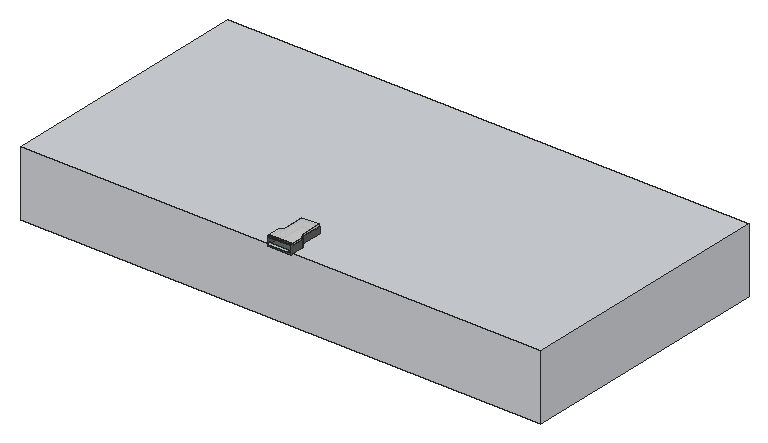
Revit family "Casete para empalmar la fibra óptica para paneles modulares HD", category Installations électriques, Revit 2020
Family settings
  Hôte = Face
  Conserver l'orientation des annotations = Non
  Cote de connecteur circulaire = Utiliser le diamètre
  Type d'élément = Normal
  Couper avec des vides une fois chargée = Non
  Partagée = Oui
  Point de calcul de pièce = Non
Parameters
  Número de pieza Legrand = "LG-032141"
  Longitud = 185 mm
  Función = "Casete para empalmar la fibra óptica"
  Formulación BIM = "Legrand FIBER PATCH PANELS"
  EAN = "3414970962126"
  E-catalogo enlace = "https://www.legrand.fr/reference/032141/pro"
  Condiciones Generales de Uso = "https://export.legrand.com/en/terms-of-use-BIM-objects"
  Fabricant = "LEGRAND"
  Default Elevation = 1219.2 mm
  Description = "Casete para empalmar la fibra óptica para paneles modulares HD"
  Clase de aplicación = "EC000762"
  Anchura (mm) = 110.3 mm
  Altura (mm) = 43.7 mm
Reference planes
  plane 1 "Centre (avant/arrière)": y = 0
  plane 2: z = 0
  plane 3 "Centre (gauche/droite)": x = 0
Forms (mm)
  Extrusion 1, solid
    sketch origin (0, 0, 0) x (1, 0, 0) y (0, 1, 0)
      loop
        line (-1219.2, 1219.2) -> (-1219.2, 0) -> (1219.2, 0) -> (1219.2, 1219.2) -> (-1219.2, 1219.2)
    from 0 to -304.8
  Extrusion 2, solid, material "LEGRAND - Noir 9017"
    sketch origin (0, -6, 0) x (1, 0, 0) y (0, 1, 0)
      loop
        line (-40.459, 185) -> (-40.459, 87.623) -> (-55.15, 67.402) -> (-55.15, 0) -> (55.15, 0) -> (55.15, 67.402) -> (40.459, 87.623) -> (40.459, 185) -> (-40.459, 185)
    from 0 to 31.7
  Extrusion 3, solid, material "LEGRAND - Plastique translucide"
    sketch origin (0, -6, 31.7) x (1, 0, 0) y (0, 1, 0)
      loop
        line (-40.459, 185) -> (-40.459, 87.623) -> (-55.15, 67.402) -> (-55.15, 9) -> (55.15, 9) -> (55.15, 67.402) -> (40.459, 87.623) -> (40.459, 185) -> (-40.459, 185)
    from 0 to 9
  Extrusion 4, solid, material "LEGRAND - Noir 9017"
    sketch origin (0, -6, 31.7) x (1, 0, 0) y (0, 1, 0)
      loop
        line (-55.15, 9) -> (-55.15, 0) -> (55.15, 0) -> (55.15, 9) -> (-55.15, 9)
    from 0 to 9
  Extrusion 5, void
    sketch origin (0, -6, 0) x (1, 0, 0) y (0, 1, 0)
      loop
        line (38.459, 183) -> (-38.459, 183) -> (-38.459, 86.974) -> (-53.15, 66.753) -> (-53.15, -10) -> (53.15, -10) -> (53.15, 66.753) -> (38.459, 86.974) -> (38.459, 183)
    from 4.525 to 38
  Extrusion 6, solid, material "LEGRAND - Bleu"
    sketch origin (0, -5.6, 0) x (1, 0, 0) y (0, 1, 0)
      loop
        line (-53.15, -0.4) -> (53.15, -0.4) -> (53.15, 1.6) -> (-53.15, 1.6) -> (-53.15, -0.4)
    from 4.5 to 15
  Extrusion 7, solid, material "LEGRAND - Noir 9017"
    sketch origin (0, 0, 0) x (1, 0, 0) y (0, 1, 0)
      loop
        line (-55.15, 0) -> (-55.15, -6) -> (55.15, -6) -> (55.15, 0) -> (-55.15, 0)
    from -3 to 0
Cuts and joins
  Extrusion 5 cuts Extrusion 2
  Extrusion 5 cuts Extrusion 4
  joined: Extrusion 2, Extrusion 4, Extrusion 7
  Extrusion 5 cuts Extrusion 3
Dimensions and locks
  aligned and locked: plane 2 to Extrusion 1
  aligned and locked: level to Extrusion 1
Connectors
  electrical at (0, 179, 15.85)
    settings: on cut or joined group of Extrusion 2, Extrusion 4, Extrusion 5, Extrusion 7, index 1, voltage 0 V, apparent load 0 VA, apparent load phase1 0 VA, apparent load phase2 0 VA, apparent load phase3 0 VA, power factor 1, load classification "Autre", number of poles 1, system type 31, power factor state 1, is connector primary yes, connector utility no, sub classification motor no, connector description ""
